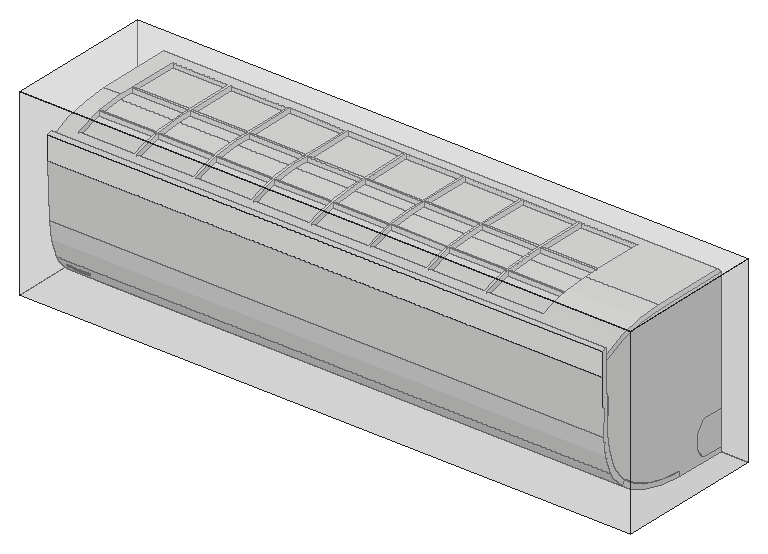
Revit family "outputfile", category 機械設備, Revit 2024
Family settings
  丸型コネクタ寸法 = 半径を使用
  パーツ タイプ = 標準
  OmniClass 番号 = 23.75.10.24.21.27.27
  OmniClass タイトル = Split System Air Conditioning Units
  作業面ベース = いいえ
  常に垂直 = はい
  ロード時にボイドで切り取り = いいえ
  注釈の向きを維持 = いいえ
  共有 = いいえ
  部屋計算ポイント = いいえ
Parameters (values of type "FTKM71XVMG")
  Description = ""
  書き出し IFC クラス(タイプ) = "IfcUnitaryEquipmentType"
  定義済み IFC タイプ(タイプ) = "AIRCONDITIONINGUNIT"
  Cost = 0
  Type Comments = ""
  Keynote = ""
  Type Image = (empty or 0)
  Assembly Code = ""
  w_wall hole = if(Width = 770.0 mm, 48.0 mm, 60.0 mm)  # 60.0 mm
  製造元 = "Daikin"
  モデル = "FTKM71XVMG"
  switch_frequency = yes
  r_Liquid Pipe Size = Liquid Pipe Size / 2  # 3.2 mm
  r_Gas Pipe Size = Gas Pipe Size / 2  # 7.95 mm
  r_Drain Pipe Size = Drain Pipe Size / 2  # 8.0 mm
  lw_powersupply [instance] = if(Width = 770.0 mm, if(or(Rear Right Connection_refrigerant, Bottom Right Connection_refrigerant), 25.0 mm, if(or(Rear Left Connection_refrigerant, Bottom Left Connection_refrigerant), 745.0 mm, 400.0 mm)), if(Width = 990.0 mm, if(or(Rear Right Connection_refrigerant, Bottom Right Connection_refrigerant), 40.0 mm, if(or(Rear Left Connection_refrigerant, Bottom Left Connection_refrigerant), 920.0 mm, 400.0 mm)), if(or(Rear Right Connection_refrigerant, Bottom Right Connection_refrigerant), 40.0 mm, if(or(Rear Left Connection_refrigerant, Bottom Left Connection_refrigerant), 920.0 mm, 400.0 mm))))  # 400.0 mm
  lw_liquidpipe [instance] = if(Width = 770.0 mm, if(or(Rear Right Connection_refrigerant, Bottom Right Connection_refrigerant), 0.0 mm, if(or(Rear Left Connection_refrigerant, Bottom Left Connection_refrigerant), 664.0 mm, 385.0 mm)), if(Width = 990.0 mm, if(or(Rear Right Connection_refrigerant, Bottom Right Connection_refrigerant), 0.0 mm, if(or(Rear Left Connection_refrigerant, Bottom Left Connection_refrigerant), 664.0 mm + (990.0 mm - 770.0 mm), 475.0 mm)), if(or(Rear Right Connection_refrigerant, Bottom Right Connection_refrigerant), 0.0 mm, if(or(Rear Left Connection_refrigerant, Bottom Left Connection_refrigerant), 664.0 mm + (990.0 mm - 770.0 mm), 475.0 mm))))  # 475.0 mm
  lw_gaspipe [instance] = if(Width = 770.0 mm, if(or(Rear Right Connection_refrigerant, Bottom Right Connection_refrigerant), 0.0 mm, if(or(Rear Left Connection_refrigerant, Bottom Left Connection_refrigerant), 675.0 mm, if(Gas Pipe Size = 12.7 mm, 345.0 mm, 335.0 mm))), if(Width = 990.0 mm, if(or(Rear Right Connection_refrigerant, Bottom Right Connection_refrigerant), 10.0 mm, if(or(Rear Left Connection_refrigerant, Bottom Left Connection_refrigerant), 890.0 mm, if(Gas Pipe Size = 15.9 mm, 400.0 mm, 400.0 mm))), if(or(Rear Right Connection_refrigerant, Bottom Right Connection_refrigerant), 10.0 mm, if(or(Rear Left Connection_refrigerant, Bottom Left Connection_refrigerant), 890.0 mm, if(Gas Pipe Size = 15.9 mm, 400.0 mm, 400.0 mm)))))  # 400.0 mm
  lw_drainpipe [instance] = if(Width = 770.0 mm, if(or(Rear Right Connection_refrigerant, Bottom Right Connection_refrigerant), 0.0 mm, if(or(Rear Left Connection_refrigerant, Bottom Left Connection_refrigerant), 770.0 mm - 48.0 mm - 48.0 mm, 440.0 mm)), if(Width = 990.0 mm, if(or(Rear Right Connection_refrigerant, Bottom Right Connection_refrigerant), 0.0 mm, if(or(Rear Left Connection_refrigerant, Bottom Left Connection_refrigerant), 675.0 mm + (990.0 mm - 770.0 mm), 435.0 mm)), if(or(Rear Right Connection_refrigerant, Bottom Right Connection_refrigerant), 0.0 mm, if(or(Rear Left Connection_refrigerant, Bottom Left Connection_refrigerant), 675.0 mm + (990.0 mm - 770.0 mm), 435.0 mm))))  # 435.0 mm
  l_powersupply_length [instance] = if(Width = 770.0 mm, if(Right Connection_refrigerant, 400.0 mm, if(Left Connection_refrigerant, 770.0 mm - 400.0 mm, if(or(Rear Left Connection_refrigerant, Rear Right Connection_refrigerant), 15.0 mm, 50.0 mm))), if(Width = 990.0 mm, if(Right Connection_refrigerant, 400.0 mm, if(Left Connection_refrigerant, 990.0 mm - 400.0 mm, if(or(Rear Left Connection_refrigerant, Rear Right Connection_refrigerant), 15.0 mm, 50.0 mm))), if(Right Connection_refrigerant, 400.0 mm, if(Left Connection_refrigerant, 990.0 mm - 400.0 mm, if(or(Rear Left Connection_refrigerant, Rear Right Connection_refrigerant), 15.0 mm, 50.0 mm)))))  # 400.0 mm
  l_liquidpipe_length [instance] = if(Width = 770.0 mm, if(Right Connection_refrigerant, 433.0 mm, if(Left Connection_refrigerant, 337.0 mm, if(or(Rear Left Connection_refrigerant, Rear Right Connection_refrigerant), 30.0 mm, 40.0 mm))), if(Width = 990.0 mm, if(Right Connection_refrigerant, 535.0 mm, if(Left Connection_refrigerant, 455.0 mm, if(or(Rear Left Connection_refrigerant, Rear Right Connection_refrigerant), 30.0 mm, 40.0 mm))), if(Right Connection_refrigerant, 535.0 mm, if(Left Connection_refrigerant, 455.0 mm, if(or(Rear Left Connection_refrigerant, Rear Right Connection_refrigerant), 30.0 mm, 40.0 mm)))))  # 535.0 mm
  l_gaspipe_length [instance] = if(Width = 770.0 mm, if(Right Connection_refrigerant, if(Gas Pipe Size = 12.7 mm, 393.0 mm, 383.0 mm), if(Left Connection_refrigerant, if(Gas Pipe Size = 12.7 mm, 770.0 mm - 393.0 mm, 770.0 mm - 383.0 mm), if(or(Rear Left Connection_refrigerant, Rear Right Connection_refrigerant), 40.0 mm, 50.0 mm))), if(Width = 990.0 mm, if(Right Connection_refrigerant, if(Gas Pipe Size = 15.9 mm, 460.0 mm, 460.0 mm), if(Left Connection_refrigerant, if(Gas Pipe Size = 15.9 mm, 990.0 mm - 460.0 mm, 990.0 mm - 460.0 mm), if(or(Rear Left Connection_refrigerant, Rear Right Connection_refrigerant), 40.0 mm, 50.0 mm))), if(Right Connection_refrigerant, if(Gas Pipe Size = 15.9 mm, 460.0 mm, 460.0 mm), if(Left Connection_refrigerant, if(Gas Pipe Size = 15.9 mm, 990.0 mm - 460.0 mm, 990.0 mm - 460.0 mm), if(or(Rear Left Connection_refrigerant, Rear Right Connection_refrigerant), 40.0 mm, 50.0 mm)))))  # 460.0 mm
  l_drainpipe_length [instance] = if(Width = 770.0 mm, if(Right Connection_refrigerant, 488.0 mm, if(Left Connection_refrigerant, 282.0 mm, if(or(Rear Left Connection_refrigerant, Rear Right Connection_refrigerant), 15.0 mm, 20.0 mm))), if(Width = 990.0 mm, if(Right Connection_refrigerant, 495.0 mm, if(Left Connection_refrigerant, 495.0 mm, if(or(Rear Left Connection_refrigerant, Rear Right Connection_refrigerant), 15.0 mm, 20.0 mm))), if(Right Connection_refrigerant, 495.0 mm, if(Left Connection_refrigerant, 495.0 mm, if(or(Rear Left Connection_refrigerant, Rear Right Connection_refrigerant), 15.0 mm, 20.0 mm)))))  # 495.0 mm
  h*** = 0.0 mm  # constant formula
  connector_voltage = Voltage_50Hz  # 230 V
  connector_powerinput = [Power Input (Cooling)]  # 0.000 kW
  connector_phase = Phase_50Hz  # 1
  angle_vertical [instance] = if(or(Bottom Left Connection_refrigerant, Bottom Right Connection_refrigerant), 0.00°, 90.00°)  # 90.00°
  angle_horizontal [instance] = if(Right Connection_refrigerant, 90.00°, if(Left Connection_refrigerant, -90.00°, if(or(Rear Left Connection_refrigerant, Rear Right Connection_refrigerant), 180.00°, 0.00°)))  # 90.00°
  Width = 990.0 mm
  Voltage_comment_50Hz = "220 - 240"
  Voltage_50Hz = 230 V
  Version = "ver.1.0"
  Unit Type = "Wall Mounted"
  Unit Mass Weight = 13.00 kg
  Unit Designation [instance] = ""
  Uniclass2015Version = "Products v1.30"
  Uniclass2015Title = "Split coil room air conditioning units"
  Uniclass2015Code = "Pr_70_65_03_86"
  URL = ""
  Total Cooling Capacity [instance] = 0.000 kW
  Sound Pressure Level_M speed (dBA) = 42
  Sound Pressure Level_L speed (dBA) = 37
  Sound Pressure Level_H speed (dBA) = 50
  Sound Power Level_H speed (dB) = 0
  Series = "Single Split_Fan Coil Unit"
  Sensible Cooling Capacity [instance] = 0.000 kW
  Refrigerant Type = "R32"
  Power Input (Cooling) = 0.000 kW
  Phase_50Hz = 1
  Option Accessory 3 [instance] = ""
  Option Accessory 2 [instance] = ""
  Option Accessory 1 [instance] = ""
  Nominal Cooling Capacity = 7.100 kW
  Minimum Circuit Amps_50Hz = 0.0 A
  Minimum Airflow = 648.00 m³/h
  Median Airflow = 876.00 m³/h
  Maximum Fuse Amps_50Hz = 0.0 A
  Maximum Airflow = 1140.00 m³/h
  Material_Casing = DAIKIN_White_Casing_indoorunit
  Load Classification = HVAC
  Liquid Pipe Size = 6.4 mm
  Link_Nested Family [instance] = ""
  IfcVersion = ""
  IfcExportType = "AIRCONDITIONINGUNIT"
  IfcExportAs = "IfcUnitaryEquipmentType"
  Height = 295.0 mm
  Heat Exchanger Type = "Cross Fin Coil"
  Gas Pipe Size = 15.9 mm
  Frequency_50Hz = 50 Hz
  Fan Type = "Cross Flow Fan"
  Fan Drive = "Direct Drive"
  FCU Tag No. [instance] = ""
  Drain Pipe Size = 16.0 mm
  Design Supply Airflow [instance] = 0.00 m³/h
  Depth = 263.0 mm
  既定の高さ = 0.0 mm
  Cooling Entering Wet Bulb Temperature [instance] = 0.00 °C
  Cooling Entering Dry Bulb Temperature [instance] = 0.00 °C
  Cooling Ambient Wet Bulb Temperature [instance] = 0.00 °C
  Cooling Ambient Dry Bulb Temperature [instance] = 0.00 °C
  Clearance visibility [instance] = yes
  Clearance Top = 30.0 mm
  Clearance Right = 50.0 mm
  Clearance Rear = 0.0 mm
  Clearance Left = 50.0 mm
  Clearance Front = 0.0 mm
  Clearance Bottom = 0.0 mm
  Bottom Right Connection_refrigerant [instance] = no
  Bottom Left Connection_refrigerant [instance] = no
  Rear Right Connection_refrigerant [instance] = no
  Rear Left Connection_refrigerant [instance] = no
  Right Connection_refrigerant [instance] = yes
  Left Connection_refrigerant [instance] = no
Reference planes
  plane 1 "Back": y = 0
  plane 2: z = 0
  plane 3 "Center (Left/Right)": x = 0
  plane 4 "Center (Front/Back)": y = -131.5
  plane 5 "Front": y = -263
  plane 6 "Left": x = -495
  plane 7 "Right": x = 495
  plane 8 "Top": z = 0
  plane 9 "Bottom": z = -295
  plane 10: x = -545
  plane 11: x = 545
  plane 12: y = 0
  plane 13: y = -263
  plane 14: z = 30
  plane 15: z = -295
  plane 16 "lw_Piping and Wiring intake": x = 435
  plane 17 "lw_gaspipe": x = 35
  plane 18 "lw_liquidpipe": x = -40
  plane 19 "lw_drainpipe": x = 0
  plane 20 "lh_drainpipe": z = -275
  plane 21 "lh_liquidpipe": z = -255
  plane 22 "lh_gaspipe": z = -245
  plane 23 "ld_drainpipe": y = -15
  plane 24 "ld_liquidpipe": y = -30
  plane 25 "ld_gaspipe": y = -40
  plane 26 "lw_powersupply": x = 95
Dimensions and locks
  equal spacing: plane 6 "Left", plane 3 "Center (Left/Right)", plane 7 "Right"
  "Width": plane 6 "Left" to plane 7 "Right"
  equal spacing: plane 5 "Front", plane 4 "Center (Front/Back)", plane 1 "Back"
  "Depth": plane 5 "Front" to plane 1 "Back"
  "Height": plane 8 "Top" to plane 9 "Bottom"
  "Clearance Rear": plane 12 to plane 1 "Back"
  "Clearance Front": plane 13 to plane 5 "Front"
  "Clearance Top": plane 14 to plane 8 "Top"
  "Clearance Bottom": plane 9 "Bottom" to plane 15
  "w_wall hole": plane 16 "lw_Piping and Wiring intake" to plane 7 "Right"
  "lw_gaspipe": plane 17 "lw_gaspipe" to plane 16 "lw_Piping and Wiring intake"
  "lw_liquidpipe": plane 18 "lw_liquidpipe" to plane 16 "lw_Piping and Wiring intake"
  "lw_drainpipe": plane 19 "lw_drainpipe" to plane 16 "lw_Piping and Wiring intake"
  locked: plane 20 "lh_drainpipe" to plane 9 "Bottom" at 20
  locked: plane 21 "lh_liquidpipe" to plane 9 "Bottom" at 40
  locked: plane 22 "lh_gaspipe" to plane 9 "Bottom" at 50
  locked: plane 23 "ld_drainpipe" to plane 1 "Back" at 15
  locked: plane 1 "Back" to plane 24 "ld_liquidpipe" at 30
  locked: plane 1 "Back" to plane 25 "ld_gaspipe" at 40
  "lw_powersupply": plane 26 "lw_powersupply" to plane 7 "Right"
  "Clearance Left": plane 10 to plane 6 "Left"
  "Clearance Right": plane 7 "Right" to plane 11
  aligned and locked: level to plane 2
  aligned and locked: plane 12 to nested 1
  aligned and locked: nested 1 to plane 13
  aligned and locked: plane 10 to nested 1
  aligned and locked: plane 11 to nested 1
  aligned and locked: plane 15 to nested 1
  aligned and locked: plane 14 to nested 1
  aligned and locked: plane 17 "lw_gaspipe" to nested 2
  aligned and locked: nested 2 to plane 25 "ld_gaspipe"
  aligned and locked: plane 18 "lw_liquidpipe" to nested 3
  aligned and locked: nested 3 to plane 24 "ld_liquidpipe"
  aligned and locked: plane 19 "lw_drainpipe" to nested 4
  aligned and locked: nested 4 to plane 23 "ld_drainpipe"
  aligned and locked: nested 5 to plane 23 "ld_drainpipe"
  aligned and locked: plane 26 "lw_powersupply" to nested 5
  aligned and locked: level to plane 8 "Top"
  aligned and locked: plane 3 "Center (Left/Right)" to nested 6
  aligned and locked: plane 1 "Back" to nested 6
  aligned and locked: plane 8 "Top" to nested 6
Nested families
  nested 1: "daikin_clearancespace" at (0, -131.5, -132.381), show <- "Clearance visibility", visible <- "Clearance visibility", Link_Nested Family <- "Link_Nested Family", type "daikin_clearancespace"
    with width 1090.0 mm, show yes, height 325.0 mm, depth 263.0 mm, Link_Nested Family ""
  nested 2: "daikin_connector_rotate3" at (35, -40, -245), angle_vertical <- "angle_vertical", angle_horizontal <- "angle_horizontal", length <- "l_gaspipe_length", radius <- "r_Gas Pipe Size", type "daikin_connector_rotate3"
    with show no, radius 7.95 mm, length 460.0 mm, angle_vertical 90.00°, angle_horizontal 90.00°
  nested 3: "daikin_connector_rotate3" at (-40, -30, -255), angle_vertical <- "angle_vertical", angle_horizontal <- "angle_horizontal", radius <- "r_Liquid Pipe Size", length <- "l_liquidpipe_length", type "daikin_connector_rotate3"
    with show no, radius 3.2 mm, length 535.0 mm, angle_vertical 90.00°, angle_horizontal 90.00°
  nested 4: "daikin_connector_rotate3" at (0, -15, -275), angle_vertical <- "angle_vertical", angle_horizontal <- "angle_horizontal", length <- "l_drainpipe_length", radius <- "r_Drain Pipe Size", type "daikin_connector_rotate3"
    with show no, radius 8.0 mm, length 495.0 mm, angle_vertical 90.00°, angle_horizontal 90.00°
  nested 5: "daikin_connector_rotate3" at (95, -15, -245), angle_vertical <- "angle_vertical", angle_horizontal <- "angle_horizontal", length <- "l_powersupply_length", type "daikin_connector_rotate3"
    with show no, radius 10.0 mm, length 400.0 mm, angle_vertical 90.00°, angle_horizontal 90.00°
  nested 6: "DAIKIN_indoorunit_FTKM-XVMG" at (-31, 0, 0), type "FTKM-XVMG"
    with switch_unit1_50-71 yes, switch_unit1_25-35 no, Width 990.0 mm, WALL HOLE-R 60.0 mm, WALL HOLE Size 80.0 mm, Height 295.0 mm
Connectors
  piping at (495, -40, -245), diameter 15.9, driven by "r_Gas Pipe Size"
    settings: on nested 2, index 1, connector inside diameter 609.6 mm, connector length 0.0 mm, flow factor 0, pipe flow 0.00 m³/h, pressure drop 0.0 Pa, fitting loss kfactor 0, connector angle 0.00°, fixture units 0, engagement length 0.0 mm, angle of deflection 0.00°, flow configuration 1, flow direction 2, fitting loss method 0, system type 29, joint type 0, gender type 0, connector reference index -1, connector utility 0, adjustable connector no, is connector primary yes, connector description "Refrigerant Gas Piping"
  piping at (495, -30, -255), diameter 6.4, driven by "r_Liquid Pipe Size"
    settings: on nested 3, index 2, connector inside diameter 609.6 mm, connector length 0.0 mm, flow factor 0, pipe flow 0.00 m³/h, pressure drop 0.0 Pa, fitting loss kfactor 0, connector angle 0.00°, fixture units 0, engagement length 0.0 mm, angle of deflection 0.00°, flow configuration 1, flow direction 1, fitting loss method 0, system type 29, joint type 0, gender type 0, connector reference index -1, connector utility 0, adjustable connector no, is connector primary no, connector description "Refrigerant Liquid Piping"
  piping at (495, -15, -275), diameter 16, driven by "r_Drain Pipe Size"
    settings: on nested 4, index 3, connector inside diameter 609.6 mm, connector length 0.0 mm, flow factor 0, pipe flow 0.00 m³/h, pressure drop 0.0 Pa, fitting loss kfactor 0, connector angle 0.00°, fixture units 0, engagement length 0.0 mm, angle of deflection 0.00°, flow configuration 1, flow direction 2, fitting loss method 4, system type 16, joint type 0, gender type 0, connector reference index -1, connector utility 0, adjustable connector no, is connector primary no, connector description "Condensate Drain Piping"
  electrical at (495, -15, -245), driven by "Load Classification", driven by "connector_powerinput", driven by "connector_voltage", driven by "connector_phase"
    settings: on nested 5, index 4, voltage 230 V, apparent load 0 VA, apparent load phase1 0 VA, apparent load phase2 0 VA, apparent load phase3 0 VA, power factor 1, load classification "HVAC", number of poles 1, system type 30, power factor state 1, is connector primary yes, connector utility no, sub classification motor no, connector description "Power Supply"
Definition of nested family "daikin_clearancespace"
  Parameters (values of type "daikin_clearancespace")
    Description = "daikin_clearancespace"
    width [instance] = 1823.963 mm
    show [instance] = yes
    material = none
    height [instance] = 1359.762 mm
    depth [instance] = 880.0 mm
    Default Elevation = 0.0 mm
    Link_Nested Family [instance] = ""
  Reference planes
    plane 1 "Center (Front/Back)": y = 0
    plane 2 "Center (Elevation)": z = -0.119
    plane 3 "Center (Left/Right)": x = 0
    plane 4: y = 440
    plane 5: y = -440
    plane 6 "Right": x = 911.982
    plane 7 "Left": x = -911.982
    plane 8 "Top": z = 679.762
    plane 9 "Bottom": z = -680
  Forms (mm)
    Extrusion 1, solid, material <- "material", visible <- "show"
      sketch origin (0, 0, 0) x (1, 0, 0) y (0, 1, 0)
        loop
          line (-911.982, 440) -> (-911.982, -440) -> (911.982, -440) -> (911.982, 440) -> (-911.982, 440)
      from -680 to 679.762
  Lines and regions (mm)
    symbolic lines, visible <- "show"
      curve 1: line (911.982, 440, 0) -> (-911.982, 440, 0)
      curve 2: line (-911.982, 440, 0) -> (-911.982, -440, 0)
      curve 3: line (-911.982, -440, 0) -> (911.982, -440, 0)
      curve 4: line (911.982, -440, 0) -> (911.982, 440, 0)
      curve 5: line (911.982, 0, 679.762) -> (-911.982, 0, 679.762)
      curve 6: line (911.982, 0, -680) -> (911.982, 0, 679.762)
      curve 7: line (-911.982, 0, -680) -> (911.982, 0, -680)
      curve 8: line (-911.982, 0, 679.762) -> (-911.982, 0, -680)
      curve 9: line (0, 440, 679.762) -> (0, -440, 679.762)
      curve 10: line (0, -440, 679.762) -> (0, -440, -680)
      curve 11: line (0, 440, -680) -> (0, 440, 679.762)
      curve 12: line (0, -440, -680) -> (0, 440, -680)
  Dimensions and locks
    "width": plane 7 "Left" to plane 6 "Right"
    "depth": plane 4 to plane 5
    "height": plane 8 "Top" to plane 9 "Bottom"
    equal spacing: plane 7 "Left", plane 3 "Center (Left/Right)", plane 6 "Right"
    equal spacing: plane 4, plane 1 "Center (Front/Back)", plane 5
    equal spacing: plane 8 "Top", plane 2 "Center (Elevation)", plane 9 "Bottom"
    aligned and locked: level to plane 2 "Center (Elevation)"
    aligned and locked: Extrusion 1 sketch curve to plane 4
    aligned and locked: plane 7 "Left" to Extrusion 1 sketch curve
    aligned and locked: Extrusion 1 sketch curve to plane 5
    aligned and locked: Extrusion 1 sketch curve to plane 6 "Right"
    aligned and locked: plane 8 "Top" to Extrusion 1
    aligned and locked: curve 1 to Extrusion 1
    aligned and locked: curve 2 to Extrusion 1
    aligned and locked: curve 3 to Extrusion 1
    aligned and locked: curve 4 to Extrusion 1
    aligned and locked: curve 5 to Extrusion 1
    aligned and locked: curve 6 to Extrusion 1
    aligned and locked: curve 7 to Extrusion 1
    aligned and locked: curve 8 to Extrusion 1
    aligned and locked: curve 9 to Extrusion 1
    aligned and locked: curve 10 to Extrusion 1
    aligned and locked: curve 11 to Extrusion 1
    aligned and locked: curve 12 to Extrusion 1
    aligned and locked: Extrusion 1 to plane 9 "Bottom"
Definition of nested family "DAIKIN_indoorunit_FTKM-XVMG"
  Parameters (values of type "FTKM-XVMG")
    switch_unit1_50-71 = Width = 990.0 mm  # no
    switch_unit1_25-35 = Width = 770.0 mm  # yes
    Width = 770.0 mm
    WALL HOLE-R = if(Width = 770.0 mm, 48.0 mm, 60.0 mm)  # 48.0 mm
    WALL HOLE Size = if(Width = 770.0 mm, 65.0 mm, 80.0 mm)  # 65.0 mm
    Material_Casing = none
    Height = if(Width = 770.0 mm, 285.0 mm, 295.0 mm)  # 285.0 mm
    Default Elevation = 0.0 mm
  Reference planes
    plane 1 "Center (Front/Back)": y = 0
    plane 2 "reference_level": z = 0
    plane 3 "Center (Left/Right)": x = 31
    plane 4: x = -354
    plane 5: x = 416
    plane 6: z = -285
  Forms (mm)
    Extrusion 1, solid, material <- "Material_Casing", visible <- "switch_unit1_25-35"
      sketch origin (29, 0, 0) x (0, 1, 0) y (0, 0, 1)
        loop
          line (-5, 0) -> (-98, 0)
          arc (-98, 0) -> (-157.611, -7.211) -> (-213.783, -28.427) r 250
          arc (-213.783, -28.427) -> (-213.842, -32.972) -> (-213.892, -37.516) r 2191
          arc (-213.892, -37.516) -> (-157.832, -15.495) -> (-98.07, -8) r 242
          line (-98.07, -8) -> (0, -8) -> (-5, 0)
      from -383 to 387
    Extrusion 2, solid, material <- "Material_Casing", visible <- "switch_unit1_25-35"
      sketch origin (416, 1296.25, 1200) x (0, 1, 0) y (0, 0, 1)
        loop
          line (-1472.998, -1446.91) -> (-1476.998, -1453.839)
          arc (-1476.998, -1453.839) -> (-1437.481, -1472.422) -> (-1395.25, -1483.538) r 240
          line (-1395.25, -1483.538) -> (-1395.25, -1475.422)
          arc (-1395.25, -1475.422) -> (-1435.407, -1464.663) -> (-1472.998, -1446.91) r 232
      from 0 to -47.5
    Extrusion 3, solid, material <- "Material_Casing", visible <- "switch_unit1_25-35"
      sketch origin (29, 0, 0) x (0, 1, 0) y (0, 0, 1)
        loop
          arc (-223, -60.455) -> (-222.414, -110.646) -> (-220.656, -160.81) r 2149.92
          arc (-220.656, -160.81) -> (-219.65, -174.299) -> (-217.853, -187.706) r 229.911
          arc (-217.853, -187.706) -> (-205.371, -223.594) -> (-181.517, -253.17) r 111
          line (-181.517, -253.17) -> (-177.429, -246.093)
          arc (-177.429, -246.093) -> (-198.77, -218.989) -> (-209.965, -186.36) r 103
          arc (-209.965, -186.36) -> (-211.681, -173.586) -> (-212.651, -160.735) r 221.844
          arc (-212.651, -160.735) -> (-214.739, -93.233) -> (-214.74, -25.699) r 2186.828
          arc (-214.74, -25.699) -> (-214.671, -21.467) -> (-214.594, -17.235) r 2192
          line (-214.594, -17.235) -> (-223, -19.961) -> (-223, -60.455)
      from -383 to 387
    Extrusion 4, solid, material <- "Material_Casing", visible <- "switch_unit1_25-35"
      sketch origin (29, 0, -20) x (0, 1, 0) y (0, 0, 1)
        loop
          line (0, -265) -> (0, 12) -> (-98.07, 12)
          arc (-98.07, 12) -> (-157.832, 4.505) -> (-213.892, -17.516) r 242
          arc (-213.892, -17.516) -> (-213.638, -79.114) -> (-211.653, -140.681) r 2191
          arc (-211.653, -140.681) -> (-210.685, -153.501) -> (-208.973, -166.243) r 221
          arc (-208.973, -166.243) -> (-197.471, -199.282) -> (-175.482, -226.491) r 102
          arc (-175.482, -226.491) -> (-138.004, -244.019) -> (-98, -254.579) r 231
          line (-98, -254.579) -> (-98, -265) -> (0, -265)
      from -383 to 387
    Extrusion 5, solid, material <- "Material_Casing", visible <- "switch_unit1_25-35"
      sketch origin (-354, 1296.25, 1200) x (0, 1, 0) y (0, 0, 1)
        loop
          line (-1472.998, -1446.91) -> (-1476.998, -1453.839)
          arc (-1476.998, -1453.839) -> (-1437.481, -1472.422) -> (-1395.25, -1483.538) r 240
          line (-1395.25, -1483.538) -> (-1395.25, -1475.422)
          arc (-1395.25, -1475.422) -> (-1435.407, -1464.663) -> (-1472.998, -1446.91) r 232
      from 47 to 0
    Extrusion 6, solid, material <- "Material_Casing", visible <- "switch_unit1_25-35"
      sketch origin (416, 1296.25, 1200) x (0, 1, 0) y (0, 0, 1)
        loop
          line (-1472.998, -1446.91) -> (-1476.998, -1453.839)
          arc (-1476.998, -1453.839) -> (-1443.437, -1470.168) -> (-1407.75, -1481.097) r 240
          line (-1407.75, -1481.097) -> (-1407.75, -1472.894)
          arc (-1407.75, -1472.894) -> (-1441.363, -1462.385) -> (-1472.998, -1446.91) r 232
      from -116.993 to -48.493
    Extrusion 7, solid, material <- "Material_Casing", visible <- "switch_unit1_25-35"
      sketch origin (416, 1296.25, 1200) x (0, 1, 0) y (0, 0, 1)
        loop
          line (-1472.998, -1446.91) -> (-1476.998, -1453.839)
          arc (-1476.998, -1453.839) -> (-1443.437, -1470.168) -> (-1407.75, -1481.097) r 240
          line (-1407.75, -1481.097) -> (-1407.75, -1472.894)
          arc (-1407.75, -1472.894) -> (-1441.363, -1462.385) -> (-1472.998, -1446.91) r 232
      from -717 to -121.993
    Extrusion 8, void
      sketch origin (31, 0, -235) x (1, 0, 0) y (0, 1, 0)
        loop
          line (-252.674, -22.316) -> (-354.941, -22.316) -> (-354.941, -91.341) -> (-252.674, -91.341) -> (-252.674, -22.316)
        loop
          line (-249.341, -91.341) -> (-151.574, -91.341) -> (-151.574, -22.316) -> (-249.341, -22.316) -> (-249.341, -91.341)
        loop
          line (58.309, -22.316) -> (-148.309, -22.316) -> (-148.309, -91.341) -> (58.309, -91.341) -> (58.309, -22.316)
        loop
          line (61.689, -22.316) -> (61.689, -91.341) -> (159.457, -91.341) -> (159.457, -22.316) -> (61.689, -22.316)
        loop
          line (162.789, -22.316) -> (162.789, -91.341) -> (265.057, -91.341) -> (265.057, -22.316) -> (162.789, -22.316)
        loop
          line (-354.941, -94.659) -> (-354.941, -165.259) -> (-252.674, -165.259) -> (-252.674, -94.659) -> (-354.941, -94.659)
        loop
          line (-249.341, -94.659) -> (-249.341, -165.259) -> (-151.574, -165.259) -> (-151.574, -94.659) -> (-249.341, -94.659)
        loop
          line (-148.309, -94.659) -> (-148.309, -165.259) -> (58.309, -165.259) -> (58.309, -94.659) -> (-148.309, -94.659)
        loop
          line (61.689, -94.659) -> (61.689, -165.259) -> (159.457, -165.259) -> (159.457, -94.659) -> (61.689, -94.659)
        loop
          line (162.789, -94.659) -> (162.789, -165.259) -> (265.057, -165.259) -> (265.057, -94.659) -> (162.789, -94.659)
        loop
          line (-354.941, -167.382) -> (-354.941, -192.681) -> (-252.674, -192.681) -> (-252.674, -167.382) -> (-354.941, -167.382)
        loop
          line (-249.341, -167.382) -> (-249.341, -192.681) -> (-151.574, -192.681) -> (-151.574, -167.382) -> (-249.341, -167.382)
        loop
          line (-148.309, -167.382) -> (-148.309, -192.681) -> (58.309, -192.681) -> (58.309, -167.382) -> (-148.309, -167.382)
        loop
          line (159.457, -167.382) -> (61.689, -167.382) -> (61.689, -192.681) -> (159.457, -192.681) -> (159.457, -167.382)
        loop
          line (265.057, -167.382) -> (162.789, -167.382) -> (162.789, -192.681) -> (265.057, -192.681) -> (265.057, -167.382)
      from 201.638 to 250
    Extrusion 9, solid, material <- "Material_Casing"
      sketch origin (31, 0, 0) x (1, 0, 0) y (0, 0, 1)
        loop
          circle (337, -240.5) r 32.5
        loop
          circle (-337, -240.5) r 32.5
      from 0 to 5
    Extrusion 10, solid, material <- "Material_Casing", visible <- "switch_unit1_25-35"
      sketch origin (416, 1296.25, 1200) x (0, -1, 0) y (0, 0, 1)
        loop
          line (1326.25, -1417) -> (1296.25, -1417) -> (1296.25, -1477) -> (1326.25, -1477)
          arc (1326.25, -1477) -> (1340.393, -1471.142) -> (1346.25, -1457) r 20
          line (1346.25, -1457) -> (1346.25, -1437)
          arc (1346.25, -1437) -> (1340.393, -1422.858) -> (1326.25, -1417) r 20
      from 0 to 5
    Extrusion 11, solid, material <- "Material_Casing", visible <- "switch_unit1_25-35"
      sketch origin (-354, 1296.25, 1200) x (0, 1, 0) y (0, 0, 1)
        loop
          line (-1296.25, -1417) -> (-1326.25, -1417)
          arc (-1326.25, -1417) -> (-1340.393, -1422.858) -> (-1346.25, -1437) r 20
          line (-1346.25, -1437) -> (-1346.25, -1457)
          arc (-1346.25, -1457) -> (-1340.393, -1471.142) -> (-1326.25, -1477) r 20
          line (-1326.25, -1477) -> (-1296.25, -1477) -> (-1296.25, -1417)
      from 0 to 5
    Extrusion 12, solid, material <- "Material_Casing", visible <- "switch_unit1_25-35"
      sketch origin (31, 0, -285) x (-1, 0, 0) y (0, -1, 0)
        loop
          line (-314, 0) -> (-314, 30)
          arc (-314, 30) -> (-319.858, 44.142) -> (-334, 50) r 20
          line (-334, 50) -> (-354, 50)
          arc (-354, 50) -> (-368.142, 44.142) -> (-374, 30) r 20
          line (-374, 30) -> (-374, 0) -> (-314, 0)
        loop
          line (374, 0) -> (374, 30)
          arc (374, 30) -> (368.142, 44.142) -> (354, 50) r 20
          line (354, 50) -> (334, 50)
          arc (334, 50) -> (319.858, 44.142) -> (314, 30) r 20
          line (314, 30) -> (314, 0) -> (374, 0)
      from 0 to 5
    Extrusion 13, solid, material <- "Material_Casing", visible <- "switch_unit1_50-71"
      sketch origin (31, 0, 0) x (0, 1, 0) y (0, 0, 1)
        loop
          line (-5, 0) -> (-138, 0)
          arc (-138, 0) -> (-197.611, -7.211) -> (-253.783, -28.427) r 250
          arc (-253.783, -28.427) -> (-253.838, -32.687) -> (-253.886, -36.946) r 2191
          arc (-253.886, -36.946) -> (-197.73, -15.346) -> (-138.014, -8) r 246.393
          line (-138.014, -8) -> (0, -8) -> (-5, 0)
      from -495 to 495
    Extrusion 14, solid, material <- "Material_Casing", visible <- "switch_unit1_50-71"
      sketch origin (418, 1296.25, 1200) x (0, 1, 0) y (0, 0, 1)
        loop
          arc (-1515.208, -1454.149) -> (-1506.856, -1460.599) -> (-1497.925, -1466.219) r 110
          arc (-1497.925, -1466.219) -> (-1445.718, -1487.493) -> (-1389.844, -1494.995) r 223
          line (-1389.844, -1494.995) -> (-1389.844, -1486.086) -> (-1404.386, -1486.086)
          arc (-1404.386, -1486.086) -> (-1449.542, -1477.46) -> (-1491.818, -1459.402) r 214.289
          arc (-1491.818, -1459.402) -> (-1501.056, -1453.541) -> (-1509.606, -1446.715) r 101
          line (-1509.606, -1446.715) -> (-1515.208, -1454.149)
      from 108 to 57.5
    Extrusion 15, solid, material <- "Material_Casing", visible <- "switch_unit1_50-71"
      sketch origin (31, 0, 0) x (0, 1, 0) y (0, 0, 1)
        loop
          line (-263, -19.962) -> (-263, -61.6)
          arc (-263, -61.6) -> (-262.414, -110.219) -> (-260.656, -158.81) r 2017.341
          arc (-260.656, -158.81) -> (-255.648, -191.935) -> (-244.041, -223.362) r 164.725
          arc (-244.041, -223.362) -> (-233.569, -239.793) -> (-219.717, -253.495) r 87.379
          line (-219.717, -253.495) -> (-214.706, -246.846)
          arc (-214.706, -246.846) -> (-229.564, -230.029) -> (-240.385, -210.371) r 102
          arc (-240.385, -210.371) -> (-249.049, -182.962) -> (-252.848, -154.467) r 165.789
          arc (-252.848, -154.467) -> (-254.771, -90.102) -> (-254.74, -25.708) r 2122.533
          arc (-254.74, -25.708) -> (-254.671, -21.469) -> (-254.594, -17.23) r 2192
          line (-254.594, -17.23) -> (-263, -19.962)
      from -495 to 495
    Extrusion 16, void
      sketch origin (33, 0, 0) x (1, 0, 0) y (0, 1, 0)
        loop
          line (-466.909, -22.316) -> (-466.909, -111.341) -> (-366.303, -111.341) -> (-366.303, -22.316) -> (-466.909, -22.316)
        loop
          line (-362.71, -22.316) -> (-362.71, -111.341) -> (-262.103, -111.341) -> (-262.103, -22.316) -> (-362.71, -22.316)
        loop
          line (-258.51, -22.316) -> (-258.51, -111.341) -> (-157.904, -111.341) -> (-157.904, -22.316) -> (-258.51, -22.316)
        loop
          line (-154.31, -22.316) -> (-154.31, -111.341) -> (-53.704, -111.341) -> (-53.704, -22.316) -> (-154.31, -22.316)
        loop
          line (-50.11, -22.316) -> (-50.11, -111.341) -> (50.496, -111.341) -> (50.496, -22.316) -> (-50.11, -22.316)
        loop
          line (54.089, -22.316) -> (54.089, -111.341) -> (154.696, -111.341) -> (154.696, -22.316) -> (54.089, -22.316)
        loop
          line (158.289, -22.316) -> (158.289, -111.341) -> (258.895, -111.341) -> (258.895, -22.316) -> (158.289, -22.316)
        loop
          line (262.489, -22.316) -> (262.489, -111.341) -> (363.095, -111.341) -> (363.095, -22.316) -> (262.489, -22.316)
        loop
          line (-466.909, -114.459) -> (-466.909, -185.059) -> (-366.303, -185.059) -> (-366.303, -114.459) -> (-466.909, -114.459)
        loop
          line (-362.71, -114.459) -> (-362.71, -185.059) -> (-262.103, -185.059) -> (-262.103, -114.459) -> (-362.71, -114.459)
        loop
          line (-258.51, -114.459) -> (-258.51, -185.059) -> (-157.904, -185.059) -> (-157.904, -114.459) -> (-258.51, -114.459)
        loop
          line (-154.31, -114.459) -> (-154.31, -185.059) -> (-53.704, -185.059) -> (-53.704, -114.459) -> (-154.31, -114.459)
        loop
          line (-50.11, -114.459) -> (-50.11, -185.059) -> (50.496, -185.059) -> (50.496, -114.459) -> (-50.11, -114.459)
        loop
          line (54.089, -114.459) -> (54.089, -185.059) -> (154.696, -185.059) -> (154.696, -114.459) -> (54.089, -114.459)
        loop
          line (158.289, -114.459) -> (158.289, -185.059) -> (258.895, -185.059) -> (258.895, -114.459) -> (158.289, -114.459)
        loop
          line (262.489, -114.459) -> (262.489, -185.059) -> (363.095, -185.059) -> (363.095, -114.459) -> (262.489, -114.459)
        loop
          line (-466.909, -187.382) -> (-466.909, -232.681) -> (-366.303, -232.681) -> (-366.303, -187.382) -> (-466.909, -187.382)
        loop
          line (-362.71, -187.382) -> (-362.71, -232.681) -> (-262.103, -232.681) -> (-262.103, -187.382) -> (-362.71, -187.382)
        loop
          line (-258.51, -187.382) -> (-258.51, -232.681) -> (-157.904, -232.681) -> (-157.904, -187.382) -> (-258.51, -187.382)
        loop
          line (-154.31, -187.382) -> (-154.31, -232.681) -> (-53.704, -232.681) -> (-53.704, -187.382) -> (-154.31, -187.382)
        loop
          line (-50.11, -187.382) -> (-50.11, -232.681) -> (50.496, -232.681) -> (50.496, -187.382) -> (-50.11, -187.382)
        loop
          line (54.089, -187.382) -> (54.089, -232.681) -> (154.696, -232.681) -> (154.696, -187.382) -> (54.089, -187.382)
        loop
          line (158.289, -187.382) -> (158.289, -232.681) -> (258.895, -232.681) -> (258.895, -187.382) -> (158.289, -187.382)
        loop
          line (262.489, -187.382) -> (262.489, -232.681) -> (363.095, -232.681) -> (363.095, -187.382) -> (262.489, -187.382)
      from -40.013 to 47.268
    Extrusion 17, solid, material <- "Material_Casing", visible <- "switch_unit1_50-71"
      sketch origin (-356, 1296.25, 1200) x (0, 1, 0) y (0, 0, -1)
        loop
          line (-1515.208, 1454.149) -> (-1509.606, 1446.715)
          arc (-1509.606, 1446.715) -> (-1501.056, 1453.541) -> (-1491.818, 1459.402) r 101
          arc (-1491.818, 1459.402) -> (-1449.542, 1477.46) -> (-1404.386, 1486.086) r 214.289
          line (-1404.386, 1486.086) -> (-1389.844, 1486.086) -> (-1389.844, 1494.995)
          arc (-1389.844, 1494.995) -> (-1445.718, 1487.493) -> (-1497.925, 1466.219) r 223
          arc (-1497.925, 1466.219) -> (-1506.856, 1460.599) -> (-1515.208, 1454.149) r 110
      from 108 to 61
    Extrusion 18, solid, material <- "Material_Casing", visible <- "switch_unit1_50-71"
      sketch origin (418, 1296.25, 1200) x (0, 1, 0) y (0, 0, 1)
        loop
          arc (-1515.208, -1454.149) -> (-1506.856, -1460.599) -> (-1497.925, -1466.219) r 110
          arc (-1497.925, -1466.219) -> (-1463.185, -1482.066) -> (-1426.25, -1491.755) r 223
          line (-1426.25, -1491.755) -> (-1426.25, -1483.166)
          arc (-1426.25, -1483.166) -> (-1460.008, -1473.969) -> (-1491.818, -1459.402) r 214.289
          arc (-1491.818, -1459.402) -> (-1501.056, -1453.541) -> (-1509.606, -1446.715) r 101
          line (-1509.606, -1446.715) -> (-1515.208, -1454.149)
      from 56.5 to -36.993
    Extrusion 19, solid, material <- "Material_Casing", visible <- "switch_unit1_50-71"
      sketch origin (418, 1296.25, 1200) x (0, 1, 0) y (0, 0, 1)
        loop
          arc (-1426.25, -1483.166) -> (-1443.442, -1479.224) -> (-1460.25, -1473.881) r 214.289
          line (-1460.25, -1473.881) -> (-1460.25, -1483.089)
          arc (-1460.25, -1483.089) -> (-1443.421, -1488.091) -> (-1426.25, -1491.755) r 223
          line (-1426.25, -1491.755) -> (-1426.25, -1483.166)
      from -43.493 to -828.893
    Extrusion 20, solid, material <- "Material_Casing", visible <- "switch_unit1_50-71"
      sketch origin (418, 1296.25, 1200) x (0, 1, 0) y (0, 0, 1)
        loop
          arc (-1515.208, -1454.149) -> (-1506.856, -1460.599) -> (-1497.925, -1466.219) r 110
          arc (-1497.925, -1466.219) -> (-1479.479, -1475.527) -> (-1460.25, -1483.089) r 223
          line (-1460.25, -1483.089) -> (-1460.25, -1473.881)
          arc (-1460.25, -1473.881) -> (-1476.328, -1467.282) -> (-1491.818, -1459.402) r 214.289
          arc (-1491.818, -1459.402) -> (-1501.056, -1453.541) -> (-1509.606, -1446.715) r 101
          line (-1509.606, -1446.715) -> (-1515.208, -1454.149)
      from -43.493 to -828.893
    Extrusion 21, solid, material <- "Material_Casing", visible <- "switch_unit1_50-71"
      sketch origin (31, 0, -30) x (0, 1, 0) y (0, 0, 1)
        loop
          line (0, 22) -> (-138.014, 22)
          arc (-138.014, 22) -> (-197.73, 14.654) -> (-253.886, -6.946) r 246.393
          arc (-253.886, -6.946) -> (-253.682, -65.635) -> (-251.855, -124.295) r 2120.935
          arc (-251.855, -124.295) -> (-248.086, -152.682) -> (-239.461, -179.988) r 164.789
          arc (-239.461, -179.988) -> (-228.903, -199.231) -> (-214.437, -215.738) r 101
          line (-214.437, -215.738) -> (-212.406, -216.221)
          arc (-212.406, -216.221) -> (-204.07, -222.837) -> (-195.079, -228.53) r 100
          arc (-195.079, -228.53) -> (-145.557, -248.629) -> (-92.593, -255.785) r 213.289
          line (-92.593, -255.785) -> (-92.593, -265) -> (0, -265) -> (0, 22)
      from -495 to 495
    Extrusion 22, solid, material <- "Material_Casing", visible <- "switch_unit1_50-71"
      sketch origin (526, 1296.25, 1200) x (0, -1, 0) y (0, 0, 1)
        loop
          line (1326.25, -1427.035) -> (1296.25, -1427.035) -> (1296.25, -1487.035) -> (1326.25, -1487.035)
          arc (1326.25, -1487.035) -> (1340.393, -1481.177) -> (1346.25, -1467.035) r 20
          line (1346.25, -1467.035) -> (1346.25, -1447.035)
          arc (1346.25, -1447.035) -> (1340.393, -1432.892) -> (1326.25, -1427.035) r 20
      from 0 to 5
    Extrusion 23, solid, material <- "Material_Casing", visible <- "switch_unit1_50-71"
      sketch origin (-459, 1296.25, 1200) x (0, -1, 0) y (0, 0, 1)
        loop
          line (1326.25, -1427.035) -> (1296.25, -1427.035) -> (1296.25, -1487.035) -> (1326.25, -1487.035)
          arc (1326.25, -1487.035) -> (1340.393, -1481.177) -> (1346.25, -1467.035) r 20
          line (1346.25, -1467.035) -> (1346.25, -1447.035)
          arc (1346.25, -1447.035) -> (1340.393, -1432.892) -> (1326.25, -1427.035) r 20
      from 0 to 5
    Extrusion 24, solid, material <- "Material_Casing", visible <- "switch_unit1_50-71"
      sketch origin (31, 200, -295) x (-1, 0, 0) y (0, -1, 0)
        loop
          line (469, 200) -> (469, 230)
          arc (469, 230) -> (463.142, 244.142) -> (449, 250) r 20
          line (449, 250) -> (429, 250)
          arc (429, 250) -> (414.858, 244.142) -> (409, 230) r 20
          line (409, 230) -> (409, 200) -> (469, 200)
        loop
          line (-469, 200) -> (-409, 200) -> (-409, 230)
          arc (-409, 230) -> (-414.858, 244.142) -> (-429, 250) r 20
          line (-429, 250) -> (-449, 250)
          arc (-449, 250) -> (-463.142, 244.142) -> (-469, 230) r 20
          line (-469, 230) -> (-469, 200)
      from 0 to 5
  Cuts and joins
    Extrusion 8 cuts Extrusion 1
    Extrusion 16 cuts Extrusion 13
  Lines and regions (mm)
    reference lines
      curve 1: line (-523, -201.911, -229.404) -> (-523, -193.542, -239.977)
      curve 2: line (-523, -240.779, -229.404) -> (-523, -232.411, -239.977)
  Dimensions and locks
    locked: Extrusion 10 sketch curve to Extrusion 10 sketch curve at 60
    locked: Extrusion 10 sketch curve to Extrusion 10 sketch curve at 50
    locked: Extrusion 12 sketch curve to Extrusion 12 sketch curve at 60  (x2)
    locked: Extrusion 12 sketch curve to Extrusion 12 sketch curve at 50
    equal spacing: plane 5, plane 3 "Center (Left/Right)", plane 4
    "Width": plane 5 to plane 4
    locked: Extrusion 9 sketch curve to plane 4 at 48
    "WALL HOLE-R": plane 5 to Extrusion 9 sketch curve
    "Height": plane 2 "reference_level" to plane 6
    locked: Extrusion 9 sketch curve to plane 6 at 44.5  (x2)
    locked: Extrusion 15 to nested 2 at 15
    locked: Extrusion 22 sketch curve to Extrusion 22 sketch curve at 60
    locked: Extrusion 22 sketch curve to Extrusion 22 sketch curve at 50
    locked: Extrusion 23 sketch curve to Extrusion 23 sketch curve at 60
    locked: Extrusion 23 sketch curve to Extrusion 23 sketch curve at 50
    locked: Extrusion 24 sketch curve to Extrusion 24 sketch curve at 60  (x2)
    locked: Extrusion 24 sketch curve to Extrusion 24 sketch curve at 50  (x2)
    "WALL HOLE Size": diameter of Extrusion 9 sketch curve  (x2)
    aligned and locked: level to plane 2 "reference_level"
    aligned and locked: nested 1 to curve 1
    aligned and locked: Extrusion 11 sketch curve to Extrusion 10  (x4)
    aligned and locked: Extrusion 12 sketch curve to Extrusion 12 sketch curve  (x2)
    aligned and locked: Extrusion 9 to plane 1 "Center (Front/Back)"
    aligned and locked: nested 2 to curve 2
  Automatic sketch dimensions
    curve 1 to level = 239.977 mm
    plane 1 "Center (Front/Back)" to curve 1 = 193.542 mm
    curve 2 to curve 1 = 0.0 mm
    curve 2 to curve 2 = 10.573 mm
    curve 1 to curve 1 = 10.573 mm
    curve 1 to curve 1 = 8.368 mm
    curve 1 to curve 2 = 30.5 mm
    curve 2 to curve 2 = 8.368 mm
    Extrusion 1 sketch curve to level = 0.0 mm
    Extrusion 1 sketch curve to plane 1 "Center (Front/Back)" = 0.0 mm
    plane 1 "Center (Front/Back)" to Extrusion 1 sketch curve = 5.0 mm
    plane 1 "Center (Front/Back)" to Extrusion 1 sketch curve = 98.0 mm
    Extrusion 1 sketch curve to Extrusion 1 sketch curve = 0.07 mm
    Extrusion 1 sketch curve to level = 59.292 mm
    Extrusion 1 sketch curve to plane 1 "Center (Front/Back)" = 1977.0 mm
    Extrusion 1 sketch curve to level = 250.0 mm
    Extrusion 1 sketch curve to Extrusion 1 sketch curve = 0.0 mm
    Extrusion 1 sketch curve to level = 8.0 mm
    Extrusion 1 sketch curve to level = 28.427 mm
    plane 1 "Center (Front/Back)" to Extrusion 2 sketch curve = 180.748 mm
    Extrusion 2 sketch curve to Extrusion 2 sketch curve = 4.0 mm
    Extrusion 2 sketch curve to Extrusion 2 sketch curve = 77.747 mm
    plane 1 "Center (Front/Back)" to Extrusion 2 sketch curve = 59.279 mm
    Extrusion 2 sketch curve to Extrusion 2 sketch curve = 0.0 mm
    Extrusion 2 sketch curve to level = 283.538 mm
    Extrusion 2 sketch curve to Extrusion 2 sketch curve = 8.116 mm
    Extrusion 2 sketch curve to Extrusion 2 sketch curve = 21.583 mm
    Extrusion 2 sketch curve to Extrusion 2 sketch curve = 6.929 mm
    Extrusion 3 sketch curve to level = 19.961 mm
    plane 1 "Center (Front/Back)" to Extrusion 3 sketch curve = 223.0 mm
    Extrusion 3 sketch curve to level = 17.235 mm
    Extrusion 3 sketch curve to Extrusion 3 sketch curve = 8.406 mm
    plane 1 "Center (Front/Back)" to Extrusion 3 sketch curve = 181.517 mm
    Extrusion 3 sketch curve to Extrusion 3 sketch curve = 4.087 mm
    Extrusion 3 sketch curve to Extrusion 3 sketch curve = 69.11 mm
    Extrusion 3 sketch curve to Extrusion 3 sketch curve = 0.001 mm
    Extrusion 3 sketch curve to plane 1 "Center (Front/Back)" = 8.955 mm
    Extrusion 3 sketch curve to Extrusion 3 sketch curve = 0.067 mm
    Extrusion 3 sketch curve to level = 60.455 mm
    Extrusion 3 sketch curve to Extrusion 3 sketch curve = 1917.898 mm
    Extrusion 3 sketch curve to Extrusion 3 sketch curve = 44.907 mm
    Extrusion 3 sketch curve to Extrusion 3 sketch curve = 5.172 mm
    Extrusion 3 sketch curve to level = 150.456 mm
    Extrusion 3 sketch curve to Extrusion 3 sketch curve = 0.006 mm
    Extrusion 3 sketch curve to Extrusion 3 sketch curve = 19.265 mm
    Extrusion 3 sketch curve to Extrusion 3 sketch curve = 0.004 mm
    Extrusion 3 sketch curve to Extrusion 3 sketch curve = 76.368 mm
    Extrusion 3 sketch curve to Extrusion 3 sketch curve = 7.077 mm
    Extrusion 3 sketch curve to Extrusion 3 sketch curve = 1.002 mm
    Extrusion 3 sketch curve to Extrusion 3 sketch curve = 0.046 mm
    Extrusion 3 sketch curve to Extrusion 3 sketch curve = 8.005 mm
    Extrusion 3 sketch curve to Extrusion 3 sketch curve = 0.147 mm
    Extrusion 3 sketch curve to Extrusion 3 sketch curve = 0.0 mm
    Extrusion 4 sketch curve to plane 1 "Center (Front/Back)" = 0.0 mm
    plane 1 "Center (Front/Back)" to Extrusion 4 sketch curve = 59.278 mm
    Extrusion 4 sketch curve to Extrusion 4 sketch curve = 98.0 mm
    Extrusion 4 sketch curve to Extrusion 4 sketch curve = 0.0 mm  (x3)
    Extrusion 4 sketch curve to level = 8.0 mm
    Extrusion 4 sketch curve to Extrusion 4 sketch curve = 38.791 mm
    Extrusion 4 sketch curve to Extrusion 4 sketch curve = 10.249 mm
    Extrusion 4 sketch curve to plane 1 "Center (Front/Back)" = 9.11 mm
    Extrusion 4 sketch curve to level = 59.292 mm
    Extrusion 4 sketch curve to Extrusion 4 sketch curve = 1967.89 mm
    Extrusion 4 sketch curve to Extrusion 4 sketch curve = 142.454 mm
    Extrusion 4 sketch curve to Extrusion 4 sketch curve = 19.271 mm
    Extrusion 4 sketch curve to Extrusion 4 sketch curve = 80.275 mm
    Extrusion 4 sketch curve to Extrusion 4 sketch curve = 24.579 mm
    Extrusion 4 sketch curve to Extrusion 4 sketch curve = 10.421 mm
    Extrusion 4 sketch curve to level = 46.847 mm
    Extrusion 4 sketch curve to Extrusion 4 sketch curve = 77.412 mm
    Extrusion 4 sketch curve to Extrusion 4 sketch curve = 33.49 mm
    Extrusion 4 sketch curve to Extrusion 4 sketch curve = 2.68 mm
    plane 1 "Center (Front/Back)" to Extrusion 5 sketch curve = 180.748 mm
    Extrusion 5 sketch curve to Extrusion 5 sketch curve = 4.0 mm
    Extrusion 5 sketch curve to Extrusion 5 sketch curve = 77.747 mm
    plane 1 "Center (Front/Back)" to Extrusion 5 sketch curve = 59.279 mm
    Extrusion 5 sketch curve to Extrusion 5 sketch curve = 0.0 mm
    Extrusion 5 sketch curve to level = 283.538 mm
    Extrusion 5 sketch curve to Extrusion 5 sketch curve = 8.116 mm
    Extrusion 5 sketch curve to Extrusion 5 sketch curve = 21.583 mm
    Extrusion 5 sketch curve to Extrusion 5 sketch curve = 6.929 mm
    plane 1 "Center (Front/Back)" to Extrusion 6 sketch curve = 180.748 mm
    Extrusion 6 sketch curve to Extrusion 6 sketch curve = 4.0 mm
    Extrusion 6 sketch curve to Extrusion 6 sketch curve = 65.247 mm
    plane 1 "Center (Front/Back)" to Extrusion 6 sketch curve = 59.279 mm
    Extrusion 6 sketch curve to Extrusion 6 sketch curve = 0.0 mm
    Extrusion 6 sketch curve to level = 281.097 mm
    Extrusion 6 sketch curve to Extrusion 6 sketch curve = 8.203 mm
    Extrusion 6 sketch curve to Extrusion 6 sketch curve = 19.055 mm
    Extrusion 6 sketch curve to Extrusion 6 sketch curve = 6.929 mm
    plane 1 "Center (Front/Back)" to Extrusion 7 sketch curve = 180.748 mm
    Extrusion 7 sketch curve to Extrusion 7 sketch curve = 4.0 mm
    Extrusion 7 sketch curve to Extrusion 7 sketch curve = 65.247 mm
    plane 1 "Center (Front/Back)" to Extrusion 7 sketch curve = 59.279 mm
    Extrusion 7 sketch curve to Extrusion 7 sketch curve = 0.0 mm
    Extrusion 7 sketch curve to level = 281.097 mm
    Extrusion 7 sketch curve to Extrusion 7 sketch curve = 8.203 mm
    Extrusion 7 sketch curve to Extrusion 7 sketch curve = 19.055 mm
    Extrusion 7 sketch curve to Extrusion 7 sketch curve = 6.929 mm
    plane 1 "Center (Front/Back)" to Extrusion 8 sketch curve = 165.259 mm  (x2)
    Extrusion 8 sketch curve to plane 3 "Center (Left/Right)" = 354.941 mm
    plane 1 "Center (Front/Back)" to Extrusion 8 sketch curve = 22.316 mm  (x3)
    Extrusion 8 sketch curve to Extrusion 8 sketch curve = 0.0 mm  (x26)
    Extrusion 8 sketch curve to Extrusion 8 sketch curve = 102.268 mm  (x2)
    Extrusion 8 sketch curve to Extrusion 8 sketch curve = 3.332 mm  (x4)
    Extrusion 8 sketch curve to Extrusion 8 sketch curve = 97.768 mm  (x2)
    Extrusion 8 sketch curve to Extrusion 8 sketch curve = 3.264 mm  (x3)
    plane 3 "Center (Left/Right)" to Extrusion 8 sketch curve = 58.309 mm
    Extrusion 8 sketch curve to Extrusion 8 sketch curve = 3.38 mm  (x3)
    Extrusion 8 sketch curve to Extrusion 8 sketch curve = 2.124 mm  (x6)
    Extrusion 8 sketch curve to Extrusion 8 sketch curve = 25.299 mm  (x2)
    Extrusion 8 sketch curve to Extrusion 8 sketch curve = 70.6 mm
    Extrusion 8 sketch curve to Extrusion 8 sketch curve = 3.317 mm  (x4)
    Extrusion 10 sketch curve to plane 1 "Center (Front/Back)" = 0.0 mm
    Extrusion 10 sketch curve to Extrusion 10 sketch curve = 20.0 mm  (x2)
    Extrusion 10 sketch curve to level = 277.0 mm
    plane 1 "Center (Front/Back)" to Extrusion 12 sketch curve = 0.0 mm
    plane 3 "Center (Left/Right)" to Extrusion 12 sketch curve = 374.0 mm
    Extrusion 12 sketch curve to Extrusion 12 sketch curve = 20.0 mm  (x3)
    plane 1 "Center (Front/Back)" to Extrusion 12 sketch curve = 30.0 mm
    Extrusion 12 sketch curve to plane 3 "Center (Left/Right)" = 314.0 mm
    Extrusion 13 sketch curve to level = 0.0 mm
    Extrusion 13 sketch curve to plane 1 "Center (Front/Back)" = 0.0 mm
    plane 1 "Center (Front/Back)" to Extrusion 13 sketch curve = 5.0 mm
    Extrusion 13 sketch curve to Extrusion 13 sketch curve = 133.0 mm
    Extrusion 13 sketch curve to Extrusion 13 sketch curve = 0.013 mm
    Extrusion 13 sketch curve to level = 59.292 mm
    Extrusion 13 sketch curve to plane 1 "Center (Front/Back)" = 1937.0 mm
    Extrusion 13 sketch curve to Extrusion 13 sketch curve = 250.0 mm
    Extrusion 13 sketch curve to Extrusion 13 sketch curve = 4.393 mm
    Extrusion 13 sketch curve to level = 8.0 mm
    Extrusion 13 sketch curve to level = 28.427 mm
    plane 1 "Center (Front/Back)" to Extrusion 14 sketch curve = 218.957 mm
    Extrusion 14 sketch curve to Extrusion 14 sketch curve = 5.601 mm
    Extrusion 14 sketch curve to Extrusion 14 sketch curve = 65.735 mm
    Extrusion 14 sketch curve to Extrusion 14 sketch curve = 1.462 mm
    plane 1 "Center (Front/Back)" to Extrusion 14 sketch curve = 108.136 mm
    Extrusion 14 sketch curve to Extrusion 14 sketch curve = 14.543 mm
    plane 1 "Center (Front/Back)" to Extrusion 14 sketch curve = 92.093 mm
    Extrusion 14 sketch curve to Extrusion 14 sketch curve = 1.354 mm
    Extrusion 14 sketch curve to level = 294.995 mm
    Extrusion 14 sketch curve to Extrusion 14 sketch curve = 8.909 mm
    Extrusion 14 sketch curve to Extrusion 14 sketch curve = 31.937 mm
    Extrusion 14 sketch curve to Extrusion 14 sketch curve = 7.433 mm
    Extrusion 14 sketch curve to Extrusion 14 sketch curve = 75.403 mm
    Extrusion 14 sketch curve to Extrusion 14 sketch curve = 0.896 mm
    Extrusion 14 sketch curve to level = 72.504 mm
    Extrusion 14 sketch curve to Extrusion 14 sketch curve = 0.504 mm
    Extrusion 15 sketch curve to level = 19.962 mm
    plane 1 "Center (Front/Back)" to Extrusion 15 sketch curve = 263.0 mm
    Extrusion 15 sketch curve to level = 17.23 mm
    Extrusion 15 sketch curve to Extrusion 15 sketch curve = 8.406 mm
    Extrusion 15 sketch curve to Extrusion 15 sketch curve = 43.283 mm
    Extrusion 15 sketch curve to Extrusion 15 sketch curve = 5.011 mm
    Extrusion 15 sketch curve to Extrusion 15 sketch curve = 49.129 mm
    Extrusion 15 sketch curve to Extrusion 15 sketch curve = 19.417 mm
    Extrusion 15 sketch curve to Extrusion 15 sketch curve = 50.037 mm
    Extrusion 15 sketch curve to Extrusion 15 sketch curve = 8.89 mm
    Extrusion 15 sketch curve to level = 61.6 mm
    Extrusion 15 sketch curve to plane 1 "Center (Front/Back)" = 1754.341 mm
    Extrusion 15 sketch curve to level = 58.909 mm
    Extrusion 15 sketch curve to Extrusion 15 sketch curve = 113.192 mm
    Extrusion 15 sketch curve to Extrusion 15 sketch curve = 69.467 mm
    Extrusion 15 sketch curve to level = 146.886 mm
    Extrusion 15 sketch curve to Extrusion 15 sketch curve = 3.987 mm
    Extrusion 15 sketch curve to Extrusion 15 sketch curve = 20.44 mm
    Extrusion 15 sketch curve to Extrusion 15 sketch curve = 13.597 mm
    Extrusion 15 sketch curve to Extrusion 15 sketch curve = 61.936 mm
    Extrusion 15 sketch curve to Extrusion 15 sketch curve = 6.649 mm
    Extrusion 15 sketch curve to level = 59.438 mm
    Extrusion 15 sketch curve to Extrusion 15 sketch curve = 0.0 mm
    Extrusion 15 sketch curve to Extrusion 15 sketch curve = 0.147 mm
    Extrusion 15 sketch curve to Extrusion 15 sketch curve = 7.808 mm
    plane 1 "Center (Front/Back)" to Extrusion 16 sketch curve = 22.316 mm  (x6)
    Extrusion 16 sketch curve to plane 3 "Center (Left/Right)" = 464.909 mm
    Extrusion 16 sketch curve to Extrusion 16 sketch curve = 0.0 mm  (x27)
    Extrusion 16 sketch curve to Extrusion 16 sketch curve = 100.606 mm  (x7)
    Extrusion 16 sketch curve to Extrusion 16 sketch curve = 3.594 mm  (x16)
    Extrusion 16 sketch curve to plane 3 "Center (Left/Right)" = 51.704 mm
    plane 3 "Center (Left/Right)" to Extrusion 16 sketch curve = 52.496 mm  (x2)
    Extrusion 16 sketch curve to Extrusion 16 sketch curve = 89.026 mm  (x6)
    Extrusion 16 sketch curve to Extrusion 16 sketch curve = 3.117 mm  (x8)
    Extrusion 16 sketch curve to Extrusion 16 sketch curve = 70.6 mm  (x7)
    Extrusion 16 sketch curve to Extrusion 16 sketch curve = 2.324 mm  (x8)
    Extrusion 16 sketch curve to Extrusion 16 sketch curve = 45.299 mm  (x7)
    plane 1 "Center (Front/Back)" to Extrusion 17 sketch curve = 218.957 mm
    Extrusion 17 sketch curve to Extrusion 17 sketch curve = 5.601 mm
    Extrusion 17 sketch curve to Extrusion 17 sketch curve = 65.735 mm
    Extrusion 17 sketch curve to Extrusion 17 sketch curve = 1.462 mm
    plane 1 "Center (Front/Back)" to Extrusion 17 sketch curve = 108.136 mm
    Extrusion 17 sketch curve to Extrusion 17 sketch curve = 14.543 mm
    plane 1 "Center (Front/Back)" to Extrusion 17 sketch curve = 92.093 mm
    Extrusion 17 sketch curve to Extrusion 17 sketch curve = 1.354 mm
    Extrusion 17 sketch curve to level = 72.0 mm
    Extrusion 17 sketch curve to Extrusion 17 sketch curve = 0.504 mm
    Extrusion 17 sketch curve to Extrusion 17 sketch curve = 98.416 mm
    Extrusion 17 sketch curve to Extrusion 17 sketch curve = 0.896 mm
    Extrusion 17 sketch curve to Extrusion 17 sketch curve = 76.3 mm
    Extrusion 17 sketch curve to Extrusion 17 sketch curve = 7.433 mm
    Extrusion 17 sketch curve to Extrusion 17 sketch curve = 26.684 mm
    Extrusion 17 sketch curve to Extrusion 17 sketch curve = 8.909 mm
    plane 1 "Center (Front/Back)" to Extrusion 18 sketch curve = 218.957 mm
    Extrusion 18 sketch curve to Extrusion 18 sketch curve = 5.601 mm
    Extrusion 18 sketch curve to Extrusion 18 sketch curve = 65.735 mm
    Extrusion 18 sketch curve to Extrusion 18 sketch curve = 1.462 mm
    Extrusion 18 sketch curve to Extrusion 18 sketch curve = 83.356 mm
    plane 1 "Center (Front/Back)" to Extrusion 18 sketch curve = 92.093 mm
    Extrusion 18 sketch curve to Extrusion 18 sketch curve = 1.354 mm
    Extrusion 18 sketch curve to level = 291.755 mm
    Extrusion 18 sketch curve to Extrusion 18 sketch curve = 8.588 mm
    Extrusion 18 sketch curve to Extrusion 18 sketch curve = 29.018 mm
    Extrusion 18 sketch curve to Extrusion 18 sketch curve = 7.433 mm
    Extrusion 18 sketch curve to Extrusion 18 sketch curve = 75.403 mm
    Extrusion 18 sketch curve to Extrusion 18 sketch curve = 0.896 mm
    Extrusion 18 sketch curve to level = 72.504 mm
    Extrusion 18 sketch curve to Extrusion 18 sketch curve = 0.504 mm
    plane 1 "Center (Front/Back)" to Extrusion 19 sketch curve = 164.0 mm
    Extrusion 19 sketch curve to Extrusion 19 sketch curve = 34.0 mm
    plane 1 "Center (Front/Back)" to Extrusion 19 sketch curve = 92.093 mm
    Extrusion 19 sketch curve to Extrusion 19 sketch curve = 1.354 mm
    Extrusion 19 sketch curve to level = 291.755 mm
    Extrusion 19 sketch curve to Extrusion 19 sketch curve = 8.588 mm
    Extrusion 19 sketch curve to Extrusion 19 sketch curve = 0.077 mm
    Extrusion 19 sketch curve to Extrusion 19 sketch curve = 9.207 mm
    plane 1 "Center (Front/Back)" to Extrusion 20 sketch curve = 218.957 mm
    Extrusion 20 sketch curve to Extrusion 20 sketch curve = 5.601 mm
    Extrusion 20 sketch curve to Extrusion 20 sketch curve = 49.356 mm
    Extrusion 20 sketch curve to Extrusion 20 sketch curve = 65.735 mm
    Extrusion 20 sketch curve to Extrusion 20 sketch curve = 1.462 mm
    plane 1 "Center (Front/Back)" to Extrusion 20 sketch curve = 92.093 mm
    Extrusion 20 sketch curve to Extrusion 20 sketch curve = 1.354 mm
    Extrusion 20 sketch curve to level = 283.089 mm
    Extrusion 20 sketch curve to Extrusion 20 sketch curve = 9.207 mm
    Extrusion 20 sketch curve to Extrusion 20 sketch curve = 19.733 mm
    Extrusion 20 sketch curve to Extrusion 20 sketch curve = 7.433 mm
    Extrusion 20 sketch curve to Extrusion 20 sketch curve = 75.403 mm
    Extrusion 20 sketch curve to Extrusion 20 sketch curve = 0.896 mm
    Extrusion 20 sketch curve to level = 72.504 mm
    Extrusion 20 sketch curve to Extrusion 20 sketch curve = 0.504 mm
    Extrusion 21 sketch curve to Extrusion 21 sketch curve = 0.0 mm  (x4)
    Extrusion 21 sketch curve to plane 1 "Center (Front/Back)" = 0.0 mm
    plane 1 "Center (Front/Back)" to Extrusion 21 sketch curve = 87.233 mm
    Extrusion 21 sketch curve to Extrusion 21 sketch curve = 3.506 mm
    Extrusion 21 sketch curve to Extrusion 21 sketch curve = 92.593 mm
    Extrusion 21 sketch curve to Extrusion 21 sketch curve = 45.42 mm
    Extrusion 21 sketch curve to Extrusion 21 sketch curve = 58.927 mm
    Extrusion 21 sketch curve to Extrusion 21 sketch curve = 74.393 mm
    Extrusion 21 sketch curve to Extrusion 21 sketch curve = 2.031 mm
    Extrusion 21 sketch curve to level = 58.927 mm
    Extrusion 21 sketch curve to plane 1 "Center (Front/Back)" = 1866.935 mm
    Extrusion 21 sketch curve to level = 72.504 mm
    Extrusion 21 sketch curve to Extrusion 21 sketch curve = 74.381 mm
    Extrusion 21 sketch curve to Extrusion 21 sketch curve = 24.427 mm
    Extrusion 21 sketch curve to Extrusion 21 sketch curve = 74.426 mm
    Extrusion 21 sketch curve to Extrusion 21 sketch curve = 0.483 mm
    Extrusion 21 sketch curve to Extrusion 21 sketch curve = 4.137 mm
    Extrusion 21 sketch curve to Extrusion 21 sketch curve = 31.393 mm
    Extrusion 21 sketch curve to Extrusion 21 sketch curve = 9.215 mm
    Extrusion 21 sketch curve to level = 8.0 mm
    Extrusion 22 sketch curve to plane 1 "Center (Front/Back)" = 0.0 mm
